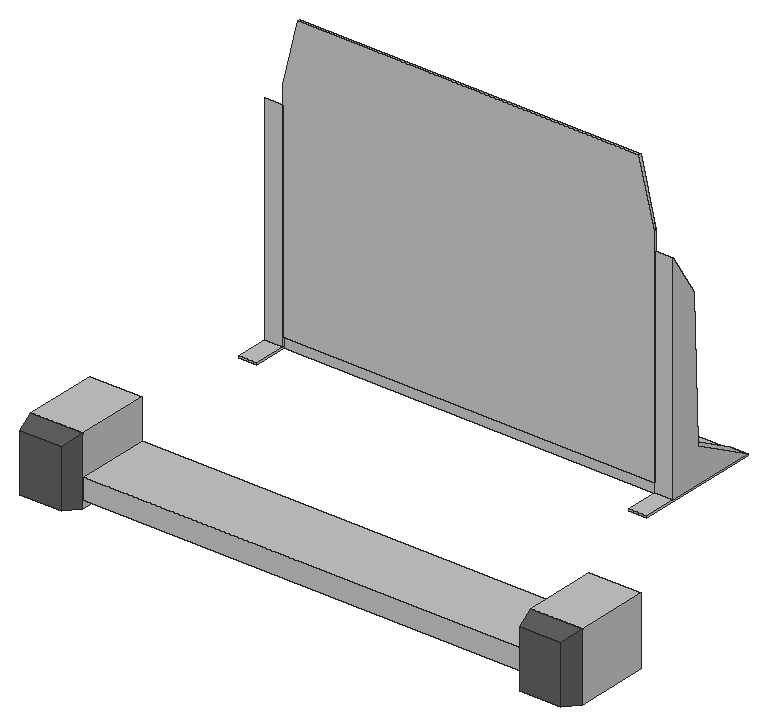
Revit family "Levelers_Kelley_LoadHog", category Generic Models, host Floor, Revit 2024
Family settings
  Host = Floor
  Can host rebar = No
  Round Connector Dimension = Use Diameter
  Part Type = Normal
  Always vertical = Yes
  Cut with Voids When Loaded = No
  Maintain Annotation Orientation = No
  Shared = No
  Room Calculation Point = No
Parameters (values of type "6'")
  Width = 5' - 11 1/2"
  URL = "www.theloadhog.com"
  Model = "LoadHog"
  Manufacturer = "Entrematic"
  Description = "Vertical Stored Dock Board"
  Default Elevation = 0' - 0"
Types (4): name | Width
  (no name) | 5' - 11 1/2"
  6' | 5' - 11 1/2"
  6.5' | 6' - 5 1/2"
  7' | 6' - 11 1/4"
Reference planes (in)
  plane 1 "Center (Front/Back)": y = 0
  plane 2: z = 0
  plane 3 "Center (Left/Right)": x = 0
  plane 4 "Edge Of Dock": y = -60
  plane 5: y = -41.4375
  plane 6: x = -43
  plane 7: x = -53
  plane 8: x = 43
  plane 9: x = 53
  plane 10: z = -13
  plane 11: y = -74
  plane 12: z = -7.5
  plane 13: z = -11.5
  plane 14: x = -44
  plane 15: z = -1
  plane 16: z = -12
  plane 17: x = -52
  plane 18: y = -78
  plane 19: x = 44
  plane 20: z = -1
  plane 21: z = -12
  plane 22: x = 52
  plane 23: x = -39.25
  plane 24: x = -35.75
  plane 25: x = 39.25
  plane 26: x = 35.75
  plane 27: y = -17.1875
  plane 28: y = -35.1875
  plane 29: y = -34.8125
  plane 30: z = 2
  plane 31: z = 41.5
  plane 32: z = 45.5
  plane 33: z = 57.5
  plane 34: x = -32.75
  plane 35: x = 32.75
  plane 36: z = 0.375
  plane 37: z = 42
  plane 38: z = 34
  plane 39: y = -30.1875
  plane 40: y = -29.1875
  plane 41: z = 7
  plane 42: through (180, -17.1875, 0.375) normal (0, -0.4833, -0.8754)
  plane 43: through (180, -29.1875, 7) normal (0, -0.9993, -0.037)
  plane 44: through (180, -35.1875, 42) normal (0, 0.848, 0.53)
Forms (in)
  Extrusion 1, solid, material "Serco Gray"
    sketch origin (0, 0, 0) x (1, 0, 0) y (0, 0, 1)
      loop
        line (-53, 0) -> (-53, -13) -> (-43, -13) -> (-43, 0) -> (-53, 0)
      loop
        line (43, 0) -> (43, -13) -> (53, -13) -> (53, 0) -> (43, 0)
    from 60 to 74
  Extrusion 2, solid, material "Serco Diamond"
    sketch origin (0, 0, 0) x (1, 0, 0) y (0, 0, 1)
      loop
        line (-43, -7.5) -> (-43, -11.5) -> (43, -11.5) -> (43, -7.5) -> (-43, -7.5)
    from 60 to 74
  Blend 3, solid, material "Bumper"
    base sketch origin (0, 0, 0) x (1, 0, 0) y (0, 0, 1)
      loop
        line (-53, 0) -> (-53, -13) -> (-43, -13) -> (-43, 0) -> (-53, 0)
    top sketch origin (0, 0, 0) x (1, 0, 0) y (0, 0, 1)
      loop
        line (-52, -1) -> (-52, -12) -> (-44, -12) -> (-44, -1) -> (-52, -1)
    from 74 to 78
  Blend 4, solid, material "Bumper"
    base sketch origin (0, 0, 0) x (-1, 0, 0) y (0, 0, -1)
      loop
        line (-53, 0) -> (-43, 0) -> (-43, 13) -> (-53, 13) -> (-53, 0)
    top sketch origin (0, 0, 0) x (-1, 0, 0) y (0, 0, -1)
      loop
        line (-52, 1) -> (-44, 1) -> (-44, 12) -> (-52, 12) -> (-52, 1)
    from 74 to 78
  Extrusion 5, solid, material "Serco Gray"
    sketch origin (0, 0, 0) x (1, 0, 0) y (0, 1, 0)
      loop
        line (-39.25, -17.1875) -> (-39.25, -41.4375) -> (-35.75, -41.4375) -> (-35.75, -17.1875) -> (-39.25, -17.1875)
      loop
        line (35.75, -17.1875) -> (35.75, -41.4375) -> (39.25, -41.4375) -> (39.25, -17.1875) -> (35.75, -17.1875)
    from 0 to 0.375
  Extrusion 6, solid, material "Serco Diamond"
    sketch origin (0, 0, 0) x (0, 1, 0) y (0, 0, 1)
      loop
        line (-34.8125, 2) -> (-34.8125, 0) -> (-17.1875, 0) -> (-34.8125, 2)
    from -35.75 to 35.75
  Extrusion 7, solid, material "Serco Diamond"
    sketch origin (0, 0, 0) x (1, 0, 0) y (0, 0, 1)
      loop
        line (-35.75, 2) -> (35.75, 2) -> (35.75, 45.5) -> (32.75, 57.5) -> (-32.75, 57.5) -> (-35.75, 45.5) -> (-35.75, 2)
    from 34.8125 to 35.1875
  Extrusion 8, solid, material "Serco Gray"
    sketch origin (0, 0, 0) x (0, 1, 0) y (0, 0, 1)
      loop
        line (-17.1875, 0.375) -> (-29.1875, 7) -> (-30.1875, 34) -> (-35.1875, 42) -> (-35.1875, 0.375) -> (-17.1875, 0.375)
    from 35.75 to 39.25
  Extrusion 9, solid, material "Serco Gray"
    sketch origin (0, 0, 0) x (0, 1, 0) y (0, 0, -1)
      loop
        line (-17.1875, -0.375) -> (-35.1875, -0.375) -> (-35.1875, -42) -> (-30.1875, -34) -> (-29.1875, -7) -> (-17.1875, -0.375)
    from 35.75 to 39.25
Lines and regions (in)
  model lines
    curve 1: line (35.75, -34.8125, 41.5) -> (-35.75, -34.8125, 41.5)
    curve 2: line (-35.75, -34.8125, 41.5) -> (35.75, -34.8125, 41.5)
    curve 3: line (-35.75, -35.1875, 41.5) -> (35.75, -35.1875, 41.5)
Dimensions and locks (in)
  equal spacing: host sketch curve, plane 1 "Center (Front/Back)", host sketch curve
  equal spacing: host sketch curve, plane 3 "Center (Left/Right)", host sketch curve
  host sketch curve to host sketch curve = 10' - 0"  (x2)
  locked: plane 5 to plane 4 "Edge Of Dock" at 18.5625
  equal spacing: plane 8, plane 3 "Center (Left/Right)", plane 6, locked at 43 each
  locked: plane 8 to plane 6 at 86
  locked: plane 10 to plane 2 at 13
  locked: plane 9 to plane 8 at 10
  locked: plane 7 to plane 6 at 10
  Extrusion 1 sketch curve to Extrusion 1 sketch curve = 0' - 10"
  plane 11 to plane 4 "Edge Of Dock" = 1' - 2"
  locked: level to plane 12 at 7.5
  locked: plane 12 to plane 13 at 4
  plane 17 to Extrusion 1 = 0' - 1"
  Extrusion 1 to plane 14 = 0' - 1"
  plane 16 to Extrusion 1 = 0' - 1"
  Extrusion 1 to plane 15 = 0' - 1"
  locked: plane 11 to plane 18 at 4
  equal spacing: plane 24, plane 3 "Center (Left/Right)", plane 26
  "Width": plane 24 to plane 26
  locked: plane 26 to plane 25 at 3.5
  locked: plane 23 to plane 24 at 3.5
  locked: plane 27 to plane 5 at 24.25
  locked: plane 5 to plane 28 at 6.25
  locked: plane 28 to plane 29 at 0.375
  locked: plane 30 to plane 2 at 2
  plane 30 to plane 31 to plane 32 = 3' - 3 1/2" locked, 0' - 4" locked
  locked: plane 32 to plane 33 at 12
  locked: plane 24 to plane 34 at 3
  locked: plane 35 to plane 26 at 3
  locked: plane 36 to Extrusion 5 at 0.375
  locked: plane 37 to plane 38 at 8
  locked: plane 38 to level at 34
  plane 39 to plane 40 to plane 27 = 0' - 1" locked, 1' - 0" locked
  locked: plane 41 to level at 7
  locked: plane 42 to plane 30 (angle 28.9024°)
  locked: plane 40 to plane 43 (angle 2.1211°)
  locked: plane 44 to plane 37 (angle 57.9946°)
  aligned and locked: level to plane 2
  aligned and locked: plane 4 "Edge Of Dock" to host floor
  aligned and locked: Extrusion 1 sketch curve to level  (x2)
  aligned and locked: plane 7 to Extrusion 1 sketch curve
  aligned and locked: plane 10 to Extrusion 1 sketch curve  (x2)
  aligned and locked: Extrusion 1 sketch curve to plane 6
  aligned and locked: plane 8 to Extrusion 1 sketch curve
  aligned and locked: plane 4 "Edge Of Dock" to Extrusion 1
  aligned and locked: Extrusion 1 to plane 11
  aligned and locked: Extrusion 2 sketch curve to plane 12
  aligned and locked: plane 6 to Extrusion 2 sketch curve
  aligned and locked: plane 13 to Extrusion 2 sketch curve
  aligned and locked: Extrusion 2 sketch curve to plane 8
  aligned and locked: Extrusion 2 to plane 11
  aligned and locked: plane 4 "Edge Of Dock" to Extrusion 2
  aligned and locked: plane 7 to Blend 3 sketch curve
  aligned and locked: Blend 3 sketch curve to plane 15
  aligned and locked: Blend 3 sketch curve to plane 14
  aligned and locked: plane 16 to Blend 3 sketch curve
  aligned and locked: plane 17 to Blend 3 sketch curve
  aligned and locked: plane 11 to Blend 3
  aligned and locked: Blend 3 to plane 18
  aligned and locked: plane 20 to Blend 4 sketch curve
  aligned and locked: plane 19 to Blend 4 sketch curve
  aligned and locked: Blend 4 sketch curve to plane 21
  aligned and locked: Blend 4 sketch curve to plane 22
  aligned and locked: plane 11 to Blend 4
  aligned and locked: Blend 4 to plane 18
  aligned and locked: plane 8 to Blend 4
  aligned and locked: Extrusion 5 sketch curve to plane 27  (x2)
  aligned and locked: Extrusion 5 sketch curve to plane 23
  aligned and locked: plane 5 to Extrusion 5 sketch curve  (x2)
  aligned and locked: Extrusion 5 sketch curve to plane 24
  aligned and locked: Extrusion 5 sketch curve to plane 26
  aligned and locked: plane 25 to Extrusion 5 sketch curve
  aligned and locked: plane 29 to Extrusion 6 sketch curve
  aligned and locked: Extrusion 6 to plane 24
  aligned and locked: Extrusion 6 to plane 26
  aligned and locked: Extrusion 6 to plane 27
  aligned and locked: Extrusion 7 sketch curve to plane 30
  aligned and locked: Extrusion 7 sketch curve to plane 24
  aligned and locked: plane 26 to Extrusion 7 sketch curve
  aligned and locked: Extrusion 7 sketch curve to plane 33
  aligned and locked: Extrusion 7 sketch curve to plane 34
  aligned and locked: plane 35 to Extrusion 7 sketch curve
  aligned and locked: Extrusion 7 to plane 29
  aligned and locked: curve 1 to plane 31
  aligned and locked: curve 3 to plane 31
  aligned and locked: Extrusion 6 sketch curve to level
  aligned and locked: Extrusion 5 to level
  aligned and locked: Extrusion 5 to plane 36
  aligned and locked: Extrusion 7 to plane 28
  aligned and locked: Extrusion 8 to plane 25
  aligned and locked: plane 26 to Extrusion 8
  aligned and locked: plane 24 to Extrusion 9
  aligned and locked: Extrusion 9 to plane 23
  aligned and locked: plane 44 to Extrusion 9
  aligned and locked: Extrusion 9 to plane 28
  aligned and locked: Extrusion 9 to plane 43
  aligned and locked: Extrusion 9 to plane 42
  aligned and locked: Extrusion 9 to plane 36
  aligned and locked: Extrusion 8 to plane 36  (x2)
  aligned and locked: Extrusion 8 to plane 28
  aligned and locked: Extrusion 8 to plane 44
  aligned and locked: Extrusion 8 to plane 43
  aligned and locked: Extrusion 8 to plane 42
  aligned and locked: Blend 3 to Blend 4
Automatic sketch dimensions
  Blend 4 sketch curve to plane 9 = 0' - 0"
  Blend 4 sketch curve to plane 8 = 0' - 0"
  Blend 4 sketch curve to plane 10 = 0' - 0"
  Blend 4 sketch curve to level = 0' - 0"
  Extrusion 6 sketch curve to plane 27 = 0' - 0"
  Extrusion 6 sketch curve to plane 30 = 0' - 0"
  Extrusion 7 sketch curve to plane 32 = 0' - 0"  (x2)
  curve 1 to plane 24 = 0' - 0"
  plane 26 to curve 2 = 0' - 0"
  curve 3 to plane 24 = 0' - 0"
  plane 26 to curve 3 = 0' - 0"
  Extrusion 9 sketch curve to plane 28 = 0' - 0"
  Extrusion 9 sketch curve to plane 38 = 0' - 0"
  Extrusion 9 sketch curve to plane 39 = 0' - 0"
  Extrusion 9 sketch curve to plane 40 = 0' - 0"
  Extrusion 9 sketch curve to plane 27 = 0' - 0"
  Extrusion 9 sketch curve to plane 37 = 0' - 0"
  Extrusion 9 sketch curve to plane 41 = 0' - 0"
  Extrusion 9 sketch curve to plane 36 = 0' - 0"
  Extrusion 8 sketch curve to plane 38 = 0' - 0"
  Extrusion 8 sketch curve to plane 37 = 0' - 0"
  Extrusion 8 sketch curve to plane 28 = 0' - 0"
  Extrusion 8 sketch curve to plane 27 = 0' - 0"
  Extrusion 8 sketch curve to plane 40 = 0' - 0"
  Extrusion 8 sketch curve to plane 36 = 0' - 0"
  Extrusion 8 sketch curve to plane 39 = 0' - 0"
  Extrusion 8 sketch curve to plane 41 = 0' - 0"
  Blend 3 sketch curve to plane 6 = 0' - 0"
  Blend 3 sketch curve to plane 10 = 0' - 0"
  Blend 3 sketch curve to level = 0' - 0"
